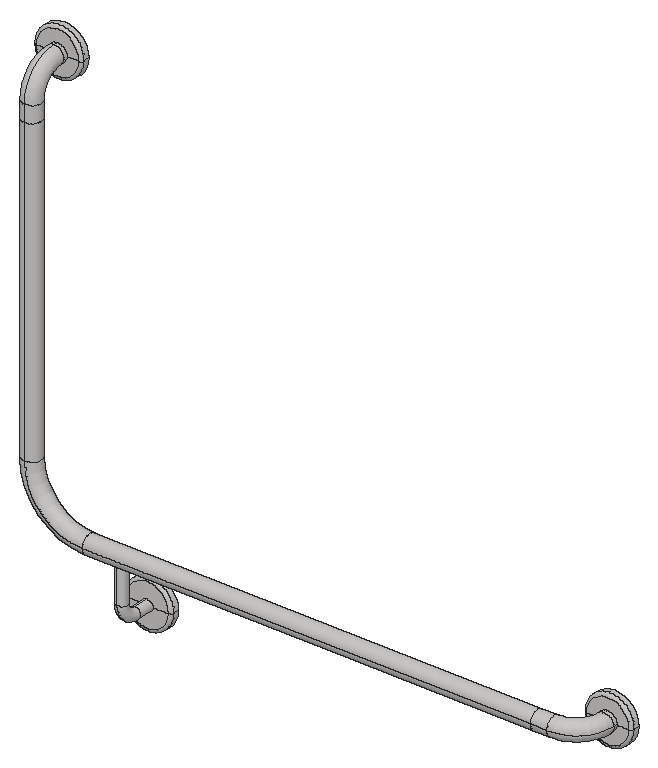
Revit family "RBA4098-911", category Plumbing Fixtures, Revit 2021
Family settings
  Round Connector Dimension = Use Diameter
  Part Type = Normal
  Work Plane-Based = No
  Always vertical = Yes
  Cut with Voids When Loaded = No
  Shared = No
  Room Calculation Point = No
Parameters (values of type "RBA4098-911")
  Watermarked By = "www.rba.com.au"
  URL = "http://www.rba.com.au/accessible-disabled/grab-rails"
  R_Void [instance] = 15.00 mm
  R [instance] = 0.00 mm
  Phone Number = "1300 788 778"
  Modified Issue = "20200406.01"
  Model = "RBA4098-911"
  Materials and Finishes = Stainless Steel Bright Polished
  Manufacturer Model = ""
  Manufacturer = "RBA Group"
  Description = "90° Angled Grab Rail, RH"
  Default Elevation = 0.00 mm
  Copyrighted by = "RBA Group"  # constant formula
  Assembly Code = ""
Reference planes
  plane 1 "Center (Front/Back)": y = 0
  plane 2: z = 0
  plane 3: x = 40.5
  plane 4: z = 670
  plane 5: z = 730
  plane 6: x = -879.5
  plane 7: x = -939.5
  plane 8: z = 700
  plane 9: z = -100
  plane 10: x = 40.5
  plane 11: z = 670
  plane 12: z = 730
  plane 13: x = -939.5
  plane 14: x = -879.5
  plane 15: z = -130
  plane 16: z = -70
  plane 17: x = -784.5
  plane 18: x = -724.5
  plane 19: z = -100
  plane 20: x = -909.5
  plane 21: x = -754.5
  plane 22: z = 700
  plane 23: z = -30
  plane 24: z = 30
  plane 25: x = 70.5
  plane 26: x = 10.5
  plane 27: z = -30
  plane 28: z = 30
  plane 29: x = 10.5
  plane 30: x = 70.5
  plane 31: x = -925.5
  plane 32: x = -893.5
  plane 33: z = 16
  plane 34: z = -16
  plane 35: y = -70
  plane 36: y = -86
  plane 37: y = -54
  plane 38: y = -79.5
  plane 39: y = -60.5
Forms (mm)
  Extrusion 1, solid, material "Rail Steel"
    sketch origin (-909.5, -2.628, 1015.907) x (0, 0, -1) y (-1, 0, 0)
      loop
        circle (315.907, 0) r 40
    from -0.219 to 2.628
  Revolve 2, solid, material "Rail Steel"
    sketch origin (40.5, 18.663, 0) x (0, -1, 0) y (1, 0, 0)
      loop
        line (18.663, 0) -> (18.663, -41.5) -> (27.844, -41.5)
        arc (27.844, -41.5) -> (31.337, -40.077) -> (32.842, -36.617) r 5
        line (32.842, -36.617) -> (33.701, 0) -> (18.663, 0)
      axis (18.663, 0) -> (33.701, 0)
    angle from 0 to 360
  Extrusion 3, void
    sketch origin (-909.5, 34.941, 1015.907) x (0, 0, -1) y (-1, 0, 0)
      loop
        circle (315.907, -30) r 5
      loop
        circle (315.907, 30) r 5
    from -37.788 to -30
  Extrusion 4, solid, material "Rail Steel"
    sketch origin (-909.5, -2.628, 1015.907) x (0, 0, -1) y (-1, 0, 0)
      loop
        circle (315.907, 0) r 40
    from -0.219 to 2.628
  Extrusion 5, void
    sketch origin (-909.5, 34.941, 1015.907) x (0, 0, -1) y (-1, 0, 0)
      loop
        circle (315.907, 30) r 5
      loop
        circle (315.907, -30) r 5
    from -37.788 to -30
  Sweep 6, solid, material "Rail Steel"
    path origin (40.5, 12.454, 0) x (0, -1, 0) y (1, 0, 0)
      loop
        line (12.454, 0) -> (34.454, 0)
        arc (34.454, 0) -> (68.395, -14.059) -> (82.454, -48) r 48
        line (82.454, -48) -> (82.454, -76)
    profile origin (40.5, -11, 0) x (1, 0, 0) y (0, 0, 1)
      loop
        circle (0, 0) r 16
  Extrusion 7, solid, material "Rail Steel"
    sketch origin (-909.5, -2.628, 1015.907) x (0, 0, -1) y (-1, 0, 0)
      loop
        circle (315.907, 0) r 40
    from -0.219 to 2.628
  Sweep 8, solid, material "Rail Steel"
    path origin (-1609.5, 12.454, 700) x (0, -1, 0) y (0, 0, -1)
      loop
        line (12.454, 0) -> (34.454, 0)
        arc (34.454, 0) -> (68.395, 14.059) -> (82.454, 48) r 48
        line (82.454, 48) -> (82.454, 76)
    profile origin (-1609.5, -11, 700) x (0, 0, -1) y (1, 0, 0)
      loop
        circle (0, 700) r 16
  Revolve 9, solid, material "Rail Steel"
    sketch origin (-909.5, 18.663, 700) x (0, -1, 0) y (1, 0, 0)
      loop
        line (18.663, 0) -> (18.663, -41.5) -> (27.844, -41.5)
        arc (27.844, -41.5) -> (31.337, -40.077) -> (32.842, -36.617) r 5
        line (32.842, -36.617) -> (33.701, 0) -> (18.663, 0)
      axis (18.663, 0) -> (33.701, 0)
    angle from 0 to 360
  Sweep 10, solid, material "Rail Steel"
    path origin (81, 0, 0) x (-1, 0, 0) y (0, 0, 1)
      loop
        line (116.5, 0) -> (890.5, 0)
        arc (890.5, 0) -> (961.211, 29.289) -> (990.5, 100) r 100
        line (990.5, 100) -> (990.5, 624)
    profile origin (-422.5, 0, 0) x (0, 0, -1) y (0, -1, 0)
      loop
        circle (0, 70) r 16
  Extrusion 11, solid, material "Rail Steel"
    sketch origin (-754.5, -2.628, 215.907) x (0, 0, -1) y (-1, 0, 0)
      loop
        circle (315.907, 0) r 40
    from -0.219 to 2.628
  Revolve 12, solid, material "Rail Steel"
    sketch origin (-754.5, 18.663, -100) x (0, -1, 0) y (1, 0, 0)
      loop
        line (18.663, 0) -> (33.701, 0) -> (32.842, 36.617)
        arc (32.842, 36.617) -> (31.337, 40.077) -> (27.844, 41.5) r 5
        line (27.844, 41.5) -> (18.663, 41.5) -> (18.663, 0)
      axis (18.663, 0) -> (33.701, 0)
    angle from 0 to 360
  Sweep 13, solid, material "Rail Steel"
    path origin (-754.5, 12.454, -100) x (0, -1, 0) y (0, 0, 1)
      loop
        line (12.454, 0) -> (54.454, 0)
        arc (54.454, 0) -> (74.253, 8.201) -> (82.454, 28) r 28
        line (82.454, 28) -> (82.454, 100)
    profile origin (-754.5, -21, -100) x (0, 0, 1) y (-1, 0, 0)
      loop
        circle (0, 0) r 9.5
  Extrusion 14, void
    sketch origin (-754.5, 34.941, 215.907) x (0, 0, -1) y (-1, 0, 0)
      loop
        circle (315.907, 30) r 5
      loop
        circle (315.907, -30) r 5
    from -37.788 to -30
  Extrusion 15, solid, material "Rail Steel"
    sketch origin (40.5, -2.628, 315.907) x (0, 0, -1) y (-1, 0, 0)
      loop
        circle (315.907, 0) r 40
    from -0.219 to 2.628
  Extrusion 16, void
    sketch origin (40.5, 34.941, 315.907) x (0, 0, -1) y (-1, 0, 0)
      loop
        circle (315.907, -30) r 5
      loop
        circle (315.907, 30) r 5
    from -37.788 to -34.941
  Extrusion 17, solid, material "Rail Steel"
    sketch origin (40.5, -2.628, 315.907) x (0, 0, -1) y (-1, 0, 0)
      loop
        circle (315.907, 0) r 40
    from -0.219 to 2.628
  Extrusion 18, void
    sketch origin (40.5, 34.941, 315.907) x (0, 0, -1) y (-1, 0, 0)
      loop
        circle (315.907, 30) r 5
      loop
        circle (315.907, -30) r 5
    from -37.788 to -34.941
  Extrusion 19, solid, material "Rail Steel"
    sketch origin (40.5, -2.628, 315.907) x (0, 0, -1) y (-1, 0, 0)
      loop
        circle (315.907, 0) r 40
    from -0.219 to 2.628
Cuts and joins
  Extrusion 3, Extrusion 5, Extrusion 16, Extrusion 18 cuts Extrusion 1
  Extrusion 5, Extrusion 16, Extrusion 18 cuts Extrusion 4
  Extrusion 3, Extrusion 5, Extrusion 18 cuts Revolve 2
  Extrusion 5, Extrusion 16 cuts Revolve 9
  Extrusion 14 cuts Revolve 12
  joined: Revolve 2, Sweep 6, Sweep 8, Revolve 9, Sweep 10, Revolve 12, Sweep 13
  Extrusion 14 cuts Extrusion 11
  Extrusion 5, Extrusion 16 cuts Extrusion 7
  Extrusion 16 cuts Extrusion 15
  Extrusion 16 cuts Extrusion 17
  Extrusion 16, Extrusion 18 cuts Extrusion 19
Dimensions and locks
  Revolve 2 sketch curve to Revolve 2 sketch curve = 41.50 mm
  plane 5 to plane 4 to level = 60.00 mm, 670.00 mm
  plane 7 to plane 6 = 60.00 mm
  plane 12 to plane 11 = 60.00 mm
  plane 13 to plane 14 = 60.00 mm
  Revolve 9 sketch curve to Revolve 9 sketch curve = 41.50 mm
  Revolve 12 sketch curve to Revolve 12 sketch curve = 41.50 mm
  plane 16 to plane 15 = 60.00 mm
  plane 17 to plane 18 = 60.00 mm
  plane 22 to plane 2 = 700.00 mm
  plane 10 to plane 20 = 950.00 mm
  plane 21 to plane 20 = 155.00 mm
  plane 2 to plane 19 = 100.00 mm
  plane 24 to plane 23 = 60.00 mm
  plane 26 to plane 25 = 60.00 mm
  plane 28 to plane 27 = 60.00 mm
  plane 29 to plane 30 = 60.00 mm
  radius of Extrusion 1 sketch curve = 40.00 mm
  radius of Extrusion 4 sketch curve = 40.00 mm
  radius of Sweep 6 sketch curve = 16.00 mm
  radius of Extrusion 7 sketch curve = 40.00 mm
  radius of Sweep 8 sketch curve = 16.00 mm
  radius of Extrusion 11 sketch curve = 40.00 mm
  radius of Sweep 13 sketch curve = 9.50 mm
  radius of Extrusion 15 sketch curve = 40.00 mm
  radius of Extrusion 17 sketch curve = 40.00 mm
  radius of Extrusion 19 sketch curve = 40.00 mm
  aligned and locked: Extrusion 1 to Revolve 2
  aligned and locked: Revolve 12 to Extrusion 11
